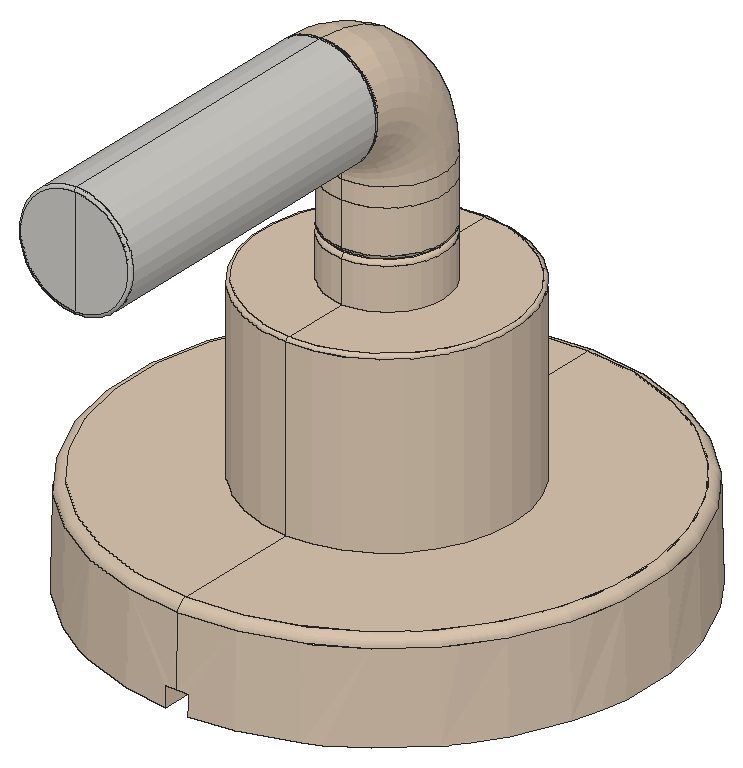
Revit family "Shower-Valve_Trim-KALLISTA-One-P32359", category Specialty Equipment, host Face, Revit 2021
Family settings
  Host = Face
  Round Connector Dimension = Use Diameter
  Part Type = Normal
  OmniClass Number = 23.31.25.00
  OmniClass Title = Toilet and Bath Specialties
  Cut with Voids When Loaded = No
  Shared = No
  Room Calculation Point = No
Parameters (values of type "BAF-Brushed French Gold")
  Width = 3 193/256"  # constant formula
  WaterSense Certified = 1 = 0  # no
  URL = "https://www.kallista.com/"
  Type = 1
  Secondary Finish = Kallista-Metal-AD-Nickel_Silver
  Product Page URL = ""
  Product Name = "One"  # constant formula
  Product Documentation Link = ""
  Model = if(Type = 1, "P32359-AD", if(Type = 2, "P32359-ULB", "NA"))  # "P32359-AD"
  Material = "Premium Metal Construction"  # constant formula
  Master Format 2014 Name = "Toilet, Bath, and Laundry Accessories"  # constant formula
  Master Format 2014 = "10 28 00"  # constant formula
  Manufacturer Address = "444 Highland Dr.Kohler, WI 53044"  # constant formula
  Manufacturer = "Kallista Co."  # constant formula
  Length = 3 191/256"  # constant formula
  Height = 3 193/256"  # constant formula
  Handle Clearance = 2 101/128"  # constant formula
  Finish = Kallista-Metal-BAF-Brushed_French_Gold
  Environmental Product Declaration = ""
  Description = "Grand Lux, Transfer Trim"  # constant formula
  Default Elevation = 42"
  Declare Label = ""
  Date Modified = "02/09/2023"  # constant formula
  Date Created = "02/09/2023"  # constant formula
  Copyright = "Copyright Kallista Co."  # constant formula
  Contact Us = "https://www.kallista.com/corporate/contact-us/"
  Assembly Code = "C1030200"
  ADA Compliant = 1 = 0  # no
Types (3): name | Type | Secondary Finish | Model | Finish
  (no name) | 1 | Kallista-Metal-AD-Nickel_Silver | "P32359-AD" | Kallista-Metal-BAF-Brushed_French_Gold
  BAF-Brushed French Gold | 1 | Kallista-Metal-AD-Nickel_Silver | "P32359-AD" | Kallista-Metal-BAF-Brushed_French_Gold
  SN-Polished Nickel | 2 | Kallista-Metal-ULB-Unlacquered_Brass | "P32359-ULB" | Kallista-Metal-SN-Polished_Nickel
Reference planes (in)
  plane 1 "Center (Front/Back)": y = 0
  plane 2: z = 0
  plane 3 "Center (Left/Right)": x = 0
  plane 4: y = 1.87598
  plane 5: x = -1.87598
  plane 6: y = -2.78906
  plane 7: x = 1.87792
  plane 8: y = -1.87792
  plane 9: y = 0.40157
  plane 10: x = -0.40354
  plane 11: x = -0.40157
  plane 12: y = 0.89961
  plane 13: y = -0.40157
  plane 14: y = -0.89961
  plane 15: x = -0.89961
  plane 16: x = 0.40157
  plane 17: x = 0.89961
  plane 18: x = 0.40354
  plane 19: z = 3.34449
  plane 20: z = 3.74609
  plane 21: z = 2.94094
  plane 22: z = 1.96063
  plane 23: z = 0.70079
Dimensions and locks (in)
  "Width": plane 5 to plane 7
  "Height": plane 4 to plane 8
  level to plane 23 = 0.70079"
  plane 18 to plane 10 = 0.80709"
  plane 16 to plane 11 = 0.80315"
  plane 8 to plane 4 = 3 193/256"
  plane 14 to plane 12 = 1.79921"
  "Handle Clearance": plane 1 "Center (Front/Back)" to plane 6
  "Length": plane 20 to level
  aligned and locked: plane 2 to host face
  aligned and locked: level to host face
  aligned and locked: plane 3 "Center (Left/Right)" to nested 1
  aligned and locked: plane 1 "Center (Front/Back)" to nested 1
Automatic sketch dimensions
  host sketch curve to host sketch curve = 96"  (x2)
Nested families (in)
  nested 1: "P32359" at (0, 0, 0), type "P32359"
Definition of nested family "P32359"
  Parameters
    Secondary Finish = none
    Material = none
    Default Elevation = 0"
  Reference planes (in)
    plane 1 "Center (Front/Back)": y = 0
    plane 2: z = 0
    plane 3 "Center (Left/Right)": x = 0
    plane 4: x = -1.87598
    plane 5: x = 1.87598
    plane 6: y = 1.87598
    plane 7: y = -1.87598
    plane 8: y = -2.7874
    plane 9: x = -0.40354
    plane 10: x = 0.40354
    plane 11: z = 3.74803
    plane 12: z = 2.94094
    plane 13: z = 3.34449
    plane 14: y = 0.89961
    plane 15: y = -0.89961
    plane 16: y = 0.40157
    plane 17: y = -0.40157
    plane 18: x = 0.40157
    plane 19: x = -0.40157
    plane 20: z = 0.70079
    plane 21: z = 1.96063
    plane 22: x = -0.89961
    plane 23: x = 0.89961
    plane 24: y = -0.58268
    plane 25: y = -1.83207
  Forms (in)
    Revolve 1, solid, material <- "Secondary Finish"
      sketch origin (0, 0, 0) x (0, 1, 0) y (0, 0, 1)
        loop
          line (-2.7874, 3.72835) -> (-2.7874, 3.34449) -> (-0.58268, 3.34449) -> (-0.58268, 3.72835)
          arc (-0.58268, 3.72835) -> (-0.58844, 3.74227) -> (-0.60236, 3.74803) r 0.01969
          line (-0.60236, 3.74803) -> (-2.76772, 3.74803)
          arc (-2.76772, 3.74803) -> (-2.78164, 3.74227) -> (-2.7874, 3.72835) r 0.01969
        axis (-0.58268, 3.34449) -> (-2.7874, 3.34449)
      angle from 0 to 360
    Revolve 2, solid, material <- "Material", detail levels medium+fine
      sketch origin (0, 0, 0) x (0, 1, 0) y (0, 0, 1)
        loop
          line (0, 2.62685) -> (0, 2.3) -> (0.38189, 2.3)
          arc (0.38189, 2.3) -> (0.39581, 2.30577) -> (0.40157, 2.31969) r 0.01969
          line (0.40157, 2.31969) -> (0.40157, 2.62685) -> (0, 2.62685)
        axis (0, 2.62685) -> (0, 2.3)
      angle from 0 to 360
    Sweep 3, solid, material <- "Material", detail levels medium+fine
      path origin (0, 0, 0) x (0, 1, 0) y (0, 0, 1)
        loop
          arc (-0.58268, 3.34449) -> (-0.17066, 3.17383) -> (0, 2.76181) r 0.58268
          line (0, 2.76181) -> (0, 2.62685)
      profile origin (0, 0, 2.69433) x (1, 0, 0) y (0, 1, 0)
        loop
          circle (0, 0) r 0.40157
    Revolve 4, solid, material <- "Material", detail levels medium+fine
      sketch origin (0, 0, 0) x (0, 1, 0) y (0, 0, 1)
        loop
          arc (0.89961, 1.93701) -> (0.89269, 1.95371) -> (0.87598, 1.96063) r 0.02362
          line (0.87598, 1.96063) -> (0.40157, 1.96063) -> (0.40157, 2.25244)
          arc (0.40157, 2.25244) -> (0.3935, 2.27193) -> (0.37402, 2.28) r 0.02756
          line (0.37402, 2.28) -> (0, 2.28) -> (0, 0) -> (1.87598, 0) -> (1.86497, 0.63116)
          arc (1.86497, 0.63116) -> (1.84378, 0.68047) -> (1.79411, 0.70079) r 0.07087
          line (1.79411, 0.70079) -> (0.89961, 0.70079) -> (0.89961, 1.93701)
        axis (0, 2.28) -> (0, 0)
      angle from 0 to 360
    Revolve 5, solid, material <- "Material", detail levels coarse
      sketch origin (0, 0, 0) x (0, 1, 0) y (0, 0, 1)
        loop
          line (1.87598, 0.70079) -> (0.89961, 0.70079) -> (0.89961, 1.96063) -> (0.40157, 1.96063) -> (0.40157, 2.28) -> (0, 2.28) -> (0, 0) -> (1.87598, 0) -> (1.87598, 0.70079)
        axis (0, 2.28) -> (0, 0)
      angle from 0 to 360
    Sweep 6, solid, material <- "Material", detail levels coarse
      path origin (0, 0, 0) x (0, 1, 0) y (0, 0, 1)
        loop
          arc (-0.58268, 3.34449) -> (-0.17066, 3.17383) -> (0, 2.76181) r 0.58268
          line (0, 2.76181) -> (0, 2.3)
      profile origin (0, 0, 2.53091) x (1, 0, 0) y (0, 1, 0)
        loop
          circle (0, 0) r 0.40157
    Extrusion 7, void
      sketch origin (0, 0, 0) x (1, 0, 0) y (0, 0, 1)
        loop
          line (-0.08, 0) -> (0.08, 0) -> (0.08, 0.13993) -> (-0.08, 0.13993) -> (-0.08, 0)
      from 1.17515 to 2.26624
    Extrusion 8, solid
      sketch origin (0, 0, 0) x (1, 0, 0) y (0, 1, 0)
        loop
          circle (0, 0) r 0.3
      from 2.28 to 2.3
  Cuts and joins
    Extrusion 7 cuts Revolve 2
    Extrusion 7 cuts Sweep 3
    Extrusion 7 cuts Revolve 4
    joined: Revolve 2, Sweep 3, Revolve 4
    Extrusion 7 cuts Revolve 5
    joined: Revolve 5, Sweep 6
  Lines and regions (in)
    Masking region 1
      outline origin (0, 0, 0) x (0, 1, 0) y (0, 0, 1)
        loop
          arc (-0.40551, 2.76378) -> (-0.45024, 2.88145) -> (-0.56183, 2.93971) r 0.17717
          arc (-0.56183, 2.93971) -> (-0.57671, 2.94748) -> (-0.58268, 2.96317) r 0.02362
          arc (-0.58268, 2.96317) -> (-0.58752, 2.94763) -> (-0.60236, 2.94094) r 0.01983
          line (-0.60236, 2.94094) -> (-2.76772, 2.94094)
          arc (-2.76772, 2.94094) -> (-2.78164, 2.94671) -> (-2.7874, 2.96063) r 0.01969
          line (-2.7874, 2.96063) -> (-2.7874, 3.72835)
          arc (-2.7874, 3.72835) -> (-2.78164, 3.74227) -> (-2.76772, 3.74803) r 0.01969
          line (-2.76772, 3.74803) -> (-0.60236, 3.74803)
          arc (-0.60236, 3.74803) -> (-0.58844, 3.74227) -> (-0.58268, 3.72825) r 0.01969
          arc (-0.58268, 3.72825) -> (-0.57673, 3.74224) -> (-0.56259, 3.74783) r 0.01969
          arc (-0.56259, 3.74783) -> (0.12036, 3.45261) -> (0.40157, 2.76378) r 0.98425
          line (0.40157, 2.76378) -> (0.40157, 2.31969)
          arc (0.40157, 2.31969) -> (0.39581, 2.30577) -> (0.38189, 2.3) r 0.01969
          line (0.38189, 2.3) -> (0.3, 2.3) -> (0.26536, 2.28) -> (0.37402, 2.28)
          arc (0.37402, 2.28) -> (0.3935, 2.27193) -> (0.40157, 2.25244) r 0.02756
          line (0.40157, 2.25244) -> (0.40157, 1.96063) -> (0.86811, 1.96063)
          arc (0.86811, 1.96063) -> (0.89038, 1.9514) -> (0.89961, 1.92913) r 0.0315
          line (0.89961, 1.92913) -> (0.89961, 0.70079) -> (1.79411, 0.70079)
          arc (1.79411, 0.70079) -> (1.84378, 0.68047) -> (1.86497, 0.63116) r 0.07087
          line (1.86497, 0.63116) -> (1.87598, 0) -> (-1.87598, 0) -> (-1.86497, 0.63116)
          arc (-1.86497, 0.63116) -> (-1.84378, 0.68047) -> (-1.79411, 0.70079) r 0.07087
          line (-1.79411, 0.70079) -> (-0.89961, 0.70079) -> (-0.89961, 1.92913)
          arc (-0.89961, 1.92913) -> (-0.89038, 1.9514) -> (-0.86811, 1.96063) r 0.0315
          line (-0.86811, 1.96063) -> (-0.40157, 1.96063) -> (-0.40157, 2.25244)
          arc (-0.40157, 2.25244) -> (-0.3935, 2.27193) -> (-0.37402, 2.28) r 0.02756
          line (-0.37402, 2.28) -> (-0.26536, 2.28) -> (-0.3, 2.3) -> (-0.38189, 2.3)
          arc (-0.38189, 2.3) -> (-0.39581, 2.30577) -> (-0.40157, 2.31969) r 0.01969
          line (-0.40157, 2.31969) -> (-0.40157, 2.76378)
    Masking region 2
      outline origin (0, 0, 0) x (1, 0, 0) y (0, 0, 1)
        loop
          arc (-1.79411, 0.70079) -> (-1.84378, 0.68047) -> (-1.86497, 0.63116) r 0.07087
          line (-1.86497, 0.63116) -> (-1.87598, 0) -> (1.87598, 0) -> (1.86497, 0.63116)
          arc (1.86497, 0.63116) -> (1.84378, 0.68047) -> (1.79411, 0.70079) r 0.07087
          line (1.79411, 0.70079) -> (0.89961, 0.70079) -> (0.89961, 1.92913)
          arc (0.89961, 1.92913) -> (0.89038, 1.9514) -> (0.86811, 1.96063) r 0.0315
          line (0.86811, 1.96063) -> (0.40157, 1.96063) -> (0.40157, 2.2485)
          arc (0.40157, 2.2485) -> (0.39235, 2.27078) -> (0.37008, 2.28) r 0.0315
          line (0.37008, 2.28) -> (0.3, 2.28) -> (0.27144, 2.3) -> (0.38386, 2.3)
          arc (0.38386, 2.3) -> (0.39778, 2.30577) -> (0.40354, 2.31969) r 0.01969
          line (0.40354, 2.31969) -> (0.40354, 3.34449)
          arc (0.40354, 3.34449) -> (0, 3.74803) -> (-0.40354, 3.34449) r 0.40354
          line (-0.40354, 3.34449) -> (-0.40354, 2.31969)
          arc (-0.40354, 2.31969) -> (-0.39778, 2.30577) -> (-0.38386, 2.3) r 0.01969
          line (-0.38386, 2.3) -> (-0.27144, 2.3) -> (-0.3, 2.28) -> (-0.37008, 2.28)
          arc (-0.37008, 2.28) -> (-0.39235, 2.27078) -> (-0.40157, 2.2485) r 0.0315
          line (-0.40157, 2.2485) -> (-0.40157, 1.96063) -> (-0.86811, 1.96063)
          arc (-0.86811, 1.96063) -> (-0.89038, 1.9514) -> (-0.89961, 1.92913) r 0.0315
          line (-0.89961, 1.92913) -> (-0.89961, 0.70079) -> (-1.79411, 0.70079)
    Masking region 3
      outline origin (0, 0, 0) x (1, 0, 0) y (0, 1, 0)
        loop
          line (-0.40354, -1.83207) -> (-0.40354, -2.76772)
          arc (-0.40354, -2.76772) -> (-0.39778, -2.78164) -> (-0.38386, -2.7874) r 0.01969
          line (-0.38386, -2.7874) -> (0.38386, -2.7874)
          arc (0.38386, -2.7874) -> (0.39778, -2.78164) -> (0.40354, -2.76772) r 0.01969
          line (0.40354, -2.76772) -> (0.40354, -1.83207)
          arc (0.40354, -1.83207) -> (0, 1.87598) -> (-0.40354, -1.83207) r 1.87598
    symbolic lines, detail levels medium+fine
      curve 1: line (-0.40354, 0, 2.31969) -> (0.40354, 0, 2.31969)
      curve 2: line (-0.27144, 0, 2.3) -> (0.27144, 0, 2.3)
      curve 3: line (0.3, 0, 2.28) -> (-0.3, 0, 2.28)
      curve 4: line (-0.40157, 0, 2.2485) -> (0.40157, 0, 2.2485)
      curve 5: line (-0.40157, 0, 1.96063) -> (0.40157, 0, 1.96063)
      curve 6: line (-0.89961, 0, 1.92913) -> (0.89961, 0, 1.92913)
      curve 7: line (-0.89961, 0, 0.70079) -> (0.89961, 0, 0.70079)
      curve 8: line (-1.86497, 0, 0.63116) -> (1.86497, 0, 0.63116)
      curve 9: line (0, 1.86497, 0.63116) -> (0, -1.86497, 0.63116)
      curve 10: line (0, 0.89961, 0.70079) -> (0, -0.89961, 0.70079)
      curve 11: line (0, 0.89961, 1.92913) -> (0, -0.89961, 1.92913)
      curve 12: line (0, 0.40157, 1.96063) -> (0, -0.40157, 1.96063)
      curve 13: line (0, 0.40157, 2.25244) -> (0, -0.40157, 2.25244)
      curve 14: line (0, 0.26536, 2.28) -> (0, -0.26536, 2.28)
      curve 15: line (0, 0.3, 2.3) -> (0, -0.3, 2.3)
      curve 16: line (0, 0.40157, 2.31969) -> (0, -0.40157, 2.31969)
      curve 17: line (0, -0.56259, 3.74783) -> (0, -0.56259, 2.9398)
      curve 18: line (0, -0.58268, 3.72835) -> (0, -0.58268, 2.96317)
      curve 19: line (0, -0.60236, 3.74803) -> (0, -0.60236, 2.94094)
      curve 20: line (0, -2.76772, 3.74803) -> (0, -2.76772, 2.94094)
      curve 21: arc (0.40354, 0, 0) -> (0, 0.40354, 0) -> (-0.40354, 0, 0) r 0.40354
      curve 22: line (0.37265, -0.58268, 0) -> (-0.37265, -0.58268, 0)
      curve 23: arc (0.40354, -0.80402, 0) -> (0, 0.89961, 0) -> (-0.40354, -0.80402, 0) r 0.89961
      curve 24: arc (0.40354, -1.76034, 0) -> (0, 1.806, 0) -> (-0.40354, -1.76034, 0) r 1.806
      curve 25: line (-0.40354, -1.76034, 0) -> (-0.40354, -0.61357, 0)
      curve 26: line (0.40354, -1.76034, 0) -> (0.40354, -0.61357, 0)
      curve 27: line (-0.40354, -1.76034, 0) -> (-0.40354, -1.83207, 0)
      curve 28: line (0.40354, -1.76034, 0) -> (0.40354, -1.83207, 0)
      curve 29: line (-0.40354, -2.76772, 0) -> (0.40354, -2.76772, 0)
      curve 30: arc (0.40354, -0.77146, 0) -> (0, 0.87063, 0) -> (-0.40354, -0.77146, 0) r 0.87063
      curve 31: arc (-0.37265, -0.58268, 0) -> (-0.39449, -0.59173, 0) -> (-0.40354, -0.61357, 0) r 0.0309
      curve 32: arc (-0.37265, -0.58268, 0) -> (-0.39449, -0.57363, 0) -> (-0.40354, -0.55178, 0) r 0.0309
      curve 33: line (-0.40354, -0.55178, 0) -> (-0.40354, 0, 0)
      curve 34: arc (0.37265, -0.58268, 0) -> (0.39449, -0.59173, 0) -> (0.40354, -0.61357, 0) r 0.0309
      curve 35: arc (0.37265, -0.58268, 0) -> (0.39449, -0.57363, 0) -> (0.40354, -0.55178, 0) r 0.0309
      curve 36: line (0.40354, -0.55178, 0) -> (0.40354, 0, 0)
      curve 37: line (-0.40354, -0.55178, 0) -> (0.40354, -0.55178, 0)
      curve 38: line (-0.40354, -0.61357, 0) -> (0.40354, -0.61357, 0)
  Dimensions and locks (in)
    plane 7 to plane 6 = 3.75197"
    plane 4 to plane 5 = 3.75197"
    plane 1 "Center (Front/Back)" to plane 8 = 2.7874"
    plane 11 to level = 3.74803"
    plane 11 to plane 12 = 0.80709"
    plane 16 to plane 17 = 0.80315"
    plane 20 to level = 0.70079"
    plane 23 to plane 22 = 1.79921"
    aligned and locked: plane 2 to level
